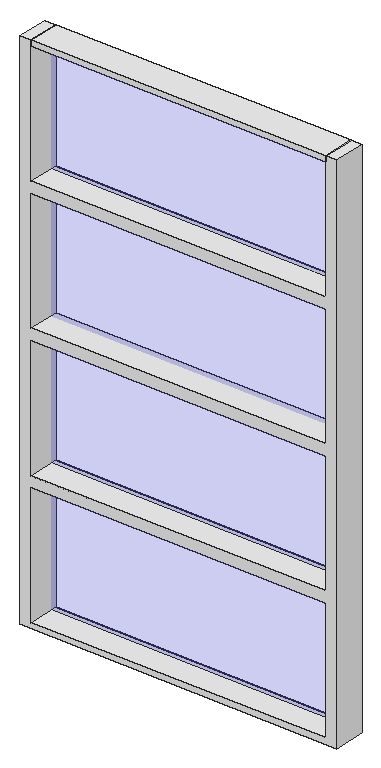
Revit family
Parameters (values of type "ACW2A")
  창 패널 = ACW2A 창 패널
  창 프레임 = ACW2A 창 프레임
  Height = 2500 mm
  기본 씰 높이 = 100 mm
  Wall Closure = (empty or 0)
  Width = 1500 mm
  창 두께 = 150 mm
Types (3, lengths in mm): name | 창 패널 | 창 프레임 | Height | 기본 씰 높이
  (no name) | ACW2A 창 패널 | ACW2A 창 프레임 | 2500 | 100
  ACW2 | ACW2 창 패널 | ACW2 창 프레임 | 2400 | 0
  ACW2A | ACW2A 창 패널 | ACW2A 창 프레임 | 2500 | 100
Reference planes
  plane 1: y = 0
  plane 2 "중심(왼쪽/오른쪽)": x = 0
  plane 3 "왼쪽": x = -750
  plane 4 "오른쪽": x = 750
  plane 5 "씰": z = 100
  plane 6 "헤드": z = 2600
  plane 7 "외부": y = 100
  plane 8 "내부": y = -100
  plane 9: z = 1975
  plane 10: z = 1350
  plane 11: z = 725
  plane 12: y = -75
  plane 13: y = 75
  plane 14: y = 66
  plane 15: y = 44
  plane 16: y = 35
  plane 17: x = -700
  plane 18: x = 700
  plane 19: z = 700
  plane 20: z = 750
  plane 21: z = 1325
  plane 22: z = 1375
  plane 23: z = 1950
  plane 24: z = 2000
  plane 25: z = 125
  plane 26: z = 2575
Forms (mm)
  Extrusion 1, solid, material "ACW2A 창 프레임" <- "창 프레임"
    sketch origin (-2165.69, 265, 1175) x (0, 1, 0) y (1, 0, 0)
      loop
        line (-190, 2865.69) -> (-340, 2865.69) -> (-340, 1465.69) -> (-190, 1465.69) -> (-190, 2865.69)
    from -150 to -200
  Extrusion 2, solid, material "ACW2A 창 프레임" <- "창 프레임"
    sketch origin (-2165.69, 265, 575) x (0, 1, 0) y (1, 0, 0)
      loop
        line (-190, 2865.69) -> (-340, 2865.69) -> (-340, 1465.69) -> (-190, 1465.69) -> (-190, 2865.69)
    from -125 to -175
  Extrusion 3, solid, material "ACW2A 창 프레임" <- "창 프레임"
    sketch origin (-2165.69, 265, 1775) x (0, 1, 0) y (1, 0, 0)
      loop
        line (-190, 2865.69) -> (-340, 2865.69) -> (-340, 1465.69) -> (-190, 1465.69) -> (-190, 2865.69)
    from -175 to -225
  Extrusion 4, solid, material "ACW2A 창 패널" <- "창 패널"
    sketch origin (0, 0, 0) x (1, 0, 0) y (0, 1, 0)
      loop
        line (-700, 66) -> (-700, 44) -> (700, 44) -> (700, 66) -> (-700, 66)
    from 125 to 700
  Extrusion 5, solid, material "ACW2A 창 패널" <- "창 패널"
    sketch origin (0, 0, 575) x (1, 0, 0) y (0, 1, 0)
      loop
        line (-700, 66) -> (-700, 44) -> (700, 44) -> (700, 66) -> (-700, 66)
    from 175 to 750
  Extrusion 6, solid, material "ACW2A 창 패널" <- "창 패널"
    sketch origin (0, 0, 1175) x (1, 0, 0) y (0, 1, 0)
      loop
        line (-700, 66) -> (-700, 44) -> (700, 44) -> (700, 66) -> (-700, 66)
    from 150 to 775
  Extrusion 7, solid, material "ACW2A 창 패널" <- "창 패널"
    sketch origin (0, 0, 3575) x (1, 0, 0) y (0, 1, 0)
      loop
        line (-700, 66) -> (-700, 44) -> (700, 44) -> (700, 66) -> (-700, 66)
    from -1575 to -1000
  Extrusion 8, solid, material "ACW2A 창 프레임" <- "창 프레임"
    sketch origin (0, 0, 0) x (1, 0, 0) y (0, 1, 0)
      loop
        line (-750, 75) -> (-750, -75) -> (-700, -75) -> (-700, 75) -> (-750, 75)
      loop
        line (700, 75) -> (700, -75) -> (750, -75) -> (750, 75) -> (700, 75)
    from 100 to 2600
  Extrusion 9, solid, material "ACW2A 창 프레임" <- "창 프레임"
    sketch origin (-2165.69, 265, 0) x (0, 1, 0) y (1, 0, 0)
      loop
        line (-190, 2865.69) -> (-340, 2865.69) -> (-340, 1465.69) -> (-190, 1465.69) -> (-190, 2865.69)
    from -100 to -125
  Extrusion 10, solid, material "ACW2A 창 프레임" <- "창 프레임"
    sketch origin (-2165.69, 265, 5050) x (0, 1, 0) y (1, 0, 0)
      loop
        line (-190, 2865.69) -> (-340, 2865.69) -> (-340, 1465.69) -> (-190, 1465.69) -> (-190, 2865.69)
    from 2475 to 2450
Cuts and joins
  joined: Extrusion 1, Extrusion 2, Extrusion 3, Extrusion 8, Extrusion 9
Lines and regions (mm)
  Opening 1
    outline origin (3500, -100, 0) x (1, 0, 0) y (0, 0, 1)
      loop
        line (-2750, 100) -> (-2750, 2600) -> (-4250, 2600) -> (-4250, 100) -> (-2750, 100)
Text (mm)
  text "외부" at (-1963.203, 1332.353, 0), in view "참조 레벨"
  text "내부" at (-1981.466, -818.386, 0), in view "참조 레벨"
  text "외부" at (0, 923.751, 2943.296), in view "오른쪽"
  text "외부" at (0, 1040.484, 2685.409), in view "왼쪽"
Dimensions and locks
  equal spacing: plane 3 "왼쪽", plane 2 "중심(왼쪽/오른쪽)", plane 4 "오른쪽"
  "Width": plane 3 "왼쪽" to plane 4 "오른쪽"
  "Height": plane 5 "씰" to plane 6 "헤드"
  "기본 씰 높이": plane 5 "씰" to level
  locked: plane 7 "외부" to host wall at 0
  locked: plane 8 "내부" to host wall
  "창 두께": plane 13 to plane 12
  equal spacing: plane 13, plane 1, plane 12
  plane 13 to plane 14 to plane 15 to plane 16 = 9 mm locked, 22 mm locked, 9 mm locked
  locked: plane 3 "왼쪽" to plane 17 at 50
  locked: plane 18 to plane 4 "오른쪽" at 50
  locked: plane 26 to plane 6 "헤드" at 25
  locked: plane 5 "씰" to plane 25 at 25
  equal spacing: plane 5 "씰", plane 11, plane 10, plane 9, plane 6 "헤드"
  plane 23 to plane 9 to plane 24 = 25 mm locked, 25 mm locked
  plane 21 to plane 10 to plane 22 = 25 mm locked, 25 mm locked
  plane 19 to plane 11 to plane 20 = 25 mm locked, 25 mm locked
  aligned and locked: Extrusion 4 to plane 19
  aligned and locked: Extrusion 5 to plane 21
  aligned and locked: plane 3 "왼쪽" to Extrusion 8 sketch curve
  aligned and locked: Extrusion 8 sketch curve to plane 13
  aligned and locked: plane 12 to Extrusion 8 sketch curve
  aligned and locked: plane 4 "오른쪽" to Extrusion 8 sketch curve
  aligned and locked: Extrusion 8 to host wall
  aligned and locked: Extrusion 10 to host wall
  aligned and locked: plane 26 to Extrusion 10
  aligned and locked: plane 25 to Extrusion 9
  aligned and locked: Extrusion 4 to plane 25
  aligned and locked: Extrusion 7 to plane 26
  aligned and locked: plane 24 to Extrusion 7
  aligned and locked: Extrusion 10 to plane 6 "헤드"
  aligned and locked: plane 5 "씰" to cut or joined group of Extrusion 1, Extrusion 2, Extrusion 3, Extrusion 8, Extrusion 9  (x2)
  aligned and locked: cut or joined group of Extrusion 1, Extrusion 2, Extrusion 3, Extrusion 8, Extrusion 9 to plane 24
  aligned and locked: plane 23 to cut or joined group of Extrusion 1, Extrusion 2, Extrusion 3, Extrusion 8, Extrusion 9
  aligned and locked: Extrusion 6 to plane 23
  aligned and locked: cut or joined group of Extrusion 1, Extrusion 2, Extrusion 3, Extrusion 8, Extrusion 9 to plane 22
  aligned and locked: plane 21 to Extrusion 6
  aligned and locked: plane 21 to cut or joined group of Extrusion 1, Extrusion 2, Extrusion 3, Extrusion 8, Extrusion 9
  aligned and locked: cut or joined group of Extrusion 1, Extrusion 2, Extrusion 3, Extrusion 8, Extrusion 9 to plane 20
  aligned and locked: plane 20 to Extrusion 5
  aligned and locked: plane 19 to cut or joined group of Extrusion 1, Extrusion 2, Extrusion 3, Extrusion 8, Extrusion 9
  aligned and locked: plane 5 "씰" to Opening 1 sketch curve
Automatic sketch dimensions
  Opening 1 sketch curve to plane 3 "왼쪽" = 0 mm
  Opening 1 sketch curve to plane 4 "오른쪽" = 0 mm
  plane 6 "헤드" to Opening 1 sketch curve = 0 mm
  Extrusion 1 sketch curve to plane 12 = 0 mm
  Extrusion 1 sketch curve to plane 13 = 0 mm
  Extrusion 1 sketch curve to plane 18 = 0 mm
  Extrusion 1 sketch curve to plane 17 = 0 mm
  Extrusion 2 sketch curve to plane 12 = 0 mm
  Extrusion 2 sketch curve to plane 13 = 0 mm
  Extrusion 2 sketch curve to plane 18 = 0 mm
  Extrusion 2 sketch curve to plane 17 = 0 mm
  Extrusion 3 sketch curve to plane 12 = 0 mm
  Extrusion 3 sketch curve to plane 13 = 0 mm
  Extrusion 3 sketch curve to plane 18 = 0 mm
  Extrusion 3 sketch curve to plane 17 = 0 mm
  Extrusion 4 sketch curve to plane 15 = 0 mm
  Extrusion 4 sketch curve to plane 17 = 0 mm
  Extrusion 4 sketch curve to plane 18 = 0 mm
  Extrusion 4 sketch curve to plane 14 = 0 mm
  Extrusion 5 sketch curve to plane 15 = 0 mm
  Extrusion 5 sketch curve to plane 17 = 0 mm
  Extrusion 5 sketch curve to plane 18 = 0 mm
  Extrusion 5 sketch curve to plane 14 = 0 mm
  Extrusion 6 sketch curve to plane 15 = 0 mm
  Extrusion 6 sketch curve to plane 17 = 0 mm
  Extrusion 6 sketch curve to plane 18 = 0 mm
  Extrusion 6 sketch curve to plane 14 = 0 mm
  Extrusion 7 sketch curve to plane 15 = 0 mm
  Extrusion 7 sketch curve to plane 17 = 0 mm
  Extrusion 7 sketch curve to plane 18 = 0 mm
  Extrusion 7 sketch curve to plane 14 = 0 mm
  Extrusion 9 sketch curve to plane 12 = 0 mm
  Extrusion 9 sketch curve to plane 13 = 0 mm
  Extrusion 9 sketch curve to plane 18 = 0 mm
  Extrusion 9 sketch curve to plane 17 = 0 mm
  Extrusion 10 sketch curve to plane 12 = 0 mm
  Extrusion 10 sketch curve to plane 13 = 0 mm
  Extrusion 10 sketch curve to plane 18 = 0 mm
  Extrusion 10 sketch curve to plane 17 = 0 mm
  Extrusion 8 sketch curve to plane 12 = 0 mm
  Extrusion 8 sketch curve to plane 17 = 0 mm
  Extrusion 8 sketch curve to plane 13 = 0 mm
  Extrusion 8 sketch curve to plane 18 = 0 mm
